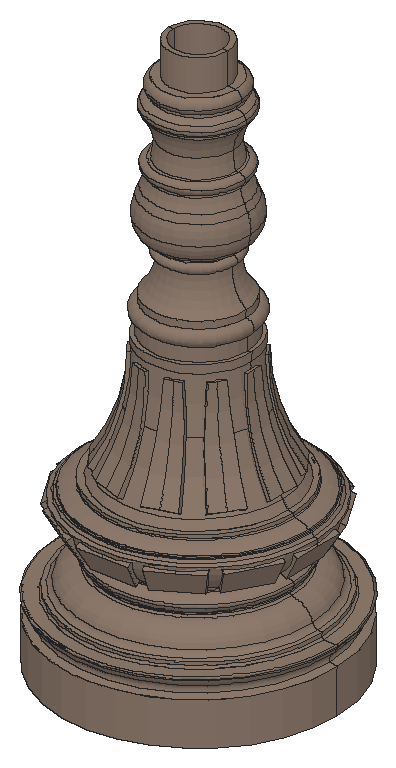
Revit family "CB1508", category Generic Models, Revit 2014
Parameters
  CAST BASE = Bronze, Architectural
Reference planes (in)
  plane 1 "Center (Front/Back)": y = 0
  plane 2: z = 0
  plane 3 "Center (Left/Right)": x = 0
Forms (in)
  Revolve 1, solid, material "Bronze, Architectural" <- "CAST BASE"
    sketch origin (0, 0, 0) x (1, 0, 0) y (0, 0, 1)
      loop
        line (-2.5, 19.5) -> (-2.5, 18.5) -> (-2.125, 18.5) -> (-2.125, 19.875) -> (-2.625, 19.875) -> (-2.625, 20.68558)
        arc (-2.625, 20.68558) -> (-1.97195, 21.58909) -> (-1.74106, 22.67973) r 2.69136
        line (-1.74106, 22.67973) -> (-1.5625, 22.67973) -> (-1.5625, 24.67188) -> (-1.875, 24.67188) -> (-1.875, 23.67187) -> (-2.15625, 23.67187)
        arc (-2.15625, 23.67187) -> (-2.4375, 23.39062) -> (-2.15625, 23.10937) r 0.28125
        arc (-2.15625, 23.10937) -> (-2.32752, 21.8904) -> (-3, 20.85937) r 2.83063
        line (-3, 20.85937) -> (-3, 20.4375)
        arc (-3, 20.4375) -> (-3.46875, 19.96875) -> (-3, 19.5) r 0.46875
        line (-3, 19.5) -> (-2.5, 19.5)
      axis (0, 24.67188) -> (0, 18.5)
    angle from 0 to 360
  Revolve 2, solid, material "Bronze, Architectural" <- "CAST BASE"
    sketch origin (0, 0, -13.33451) x (1, 0, 0) y (0, 0, 1)
      loop
        arc (-2.70836, 37.93973) -> (-2.86448, 38.24642) -> (-2.9238, 38.58541) r 1.16041
        arc (-2.9238, 38.58541) -> (-2.91128, 39.09655) -> (-2.76498, 39.58646) r 1.93004
        arc (-2.76498, 39.58646) -> (-2.67975, 39.80943) -> (-2.58979, 40.03054) r 11.22047
        arc (-2.58979, 40.03054) -> (-2.40625, 40.46699) -> (-2.28859, 40.92561) r 3.22492
        arc (-2.28859, 40.92561) -> (-1.9463, 41.93055) -> (-1.83143, 42.98595) r 4.83825
        arc (-1.83143, 42.98595) -> (-2.01045, 43.72869) -> (-2.36026, 44.40791) r 3.20313
        arc (-2.36026, 44.40791) -> (-2.32984, 44.76491) -> (-2.06331, 45.00435) r 0.48671
        line (-2.06331, 45.00435) -> (-2.06331, 45.56341)
        arc (-2.06331, 45.56341) -> (-2.07124, 45.64014) -> (-2.09471, 45.71362) r 0.375
        arc (-2.09471, 45.71362) -> (-2.07484, 45.95062) -> (-1.86564, 46.06375) r 0.25
        line (-1.86564, 46.06375) -> (-1.5625, 46.06375) -> (-1.5625, 48.43875) -> (-1.875, 48.43875) -> (-1.875, 46.43875) -> (-2.39075, 46.43875)
        arc (-2.39075, 46.43875) -> (-2.63241, 46.21221) -> (-2.69488, 45.88691) r 0.53625
        arc (-2.69488, 45.88691) -> (-2.61677, 45.68537) -> (-2.43831, 45.56341) r 0.3648
        line (-2.43831, 45.56341) -> (-2.43831, 45.36059)
        arc (-2.43831, 45.36059) -> (-2.66588, 45.26451) -> (-2.86046, 45.11234) r 0.93776
        arc (-2.86046, 45.11234) -> (-2.94515, 44.99123) -> (-2.98975, 44.85033) r 0.4886
        arc (-2.98975, 44.85033) -> (-2.99693, 44.72085) -> (-2.95305, 44.59881) r 0.32597
        arc (-2.95305, 44.59881) -> (-2.86169, 44.50439) -> (-2.73526, 44.46863) r 0.25263
        line (-2.73526, 44.46863) -> (-2.73526, 44.28896)
        arc (-2.73526, 44.28896) -> (-2.38588, 43.66012) -> (-2.20645, 42.96347) r 2.82813
        arc (-2.20645, 42.96347) -> (-2.24557, 42.38879) -> (-2.35837, 41.82394) r 4.46325
        arc (-2.35837, 41.82394) -> (-2.44814, 41.80918) -> (-2.53904, 41.8056) r 0.73685
        arc (-2.53904, 41.8056) -> (-2.77381, 41.73121) -> (-2.90534, 41.523) r 0.35886
        arc (-2.90534, 41.523) -> (-2.88029, 41.31668) -> (-2.73918, 41.16409) r 0.33775
        arc (-2.73918, 41.16409) -> (-2.66356, 41.09005) -> (-2.65906, 40.98432) r 0.14383
        arc (-2.65906, 40.98432) -> (-2.76505, 40.57659) -> (-2.92999, 40.18894) r 2.84992
        arc (-2.92999, 40.18894) -> (-3.02364, 39.95957) -> (-3.11236, 39.72825) r 11.59547
        arc (-3.11236, 39.72825) -> (-3.28149, 39.1563) -> (-3.29821, 38.56011) r 2.30504
        arc (-3.29821, 38.56011) -> (-3.21023, 38.09881) -> (-2.98694, 37.68567) r 1.53541
        arc (-2.98694, 37.68567) -> (-2.49717, 37.29204) -> (-1.9375, 37.00639) r 3.0696
        line (-1.9375, 37.00639) -> (-1.9375, 37.40341)
        arc (-1.9375, 37.40341) -> (-2.34609, 37.63828) -> (-2.70836, 37.93973) r 2.73779
      axis (0, 48.43875) -> (0, 37.00639)
    angle from 0 to 360
  Revolve 3, solid, material "Bronze, Architectural" <- "CAST BASE"
    sketch origin (0, 0, 0) x (1, 0, 0) y (0, 0, 1)
      loop
        arc (-4.44492, 11.27106) -> (-4.30197, 11.73269) -> (-4.13944, 12.18779) r 11.31712
        arc (-4.13944, 12.18779) -> (-3.58767, 13.36892) -> (-3.15331, 14.59809) r 13.39677
        arc (-3.15331, 14.59809) -> (-2.8251, 16.59852) -> (-2.77177, 18.625) r 14.88298
        line (-2.77177, 18.625) -> (-2.5, 18.625) -> (-2.5, 19.5) -> (-3.125, 19.5) -> (-3.125, 18.625) -> (-3.375, 18.625) -> (-3.375, 18.125) -> (-3.3125, 18.125)
        arc (-3.3125, 18.125) -> (-3.43435, 16.43201) -> (-3.75566, 14.76534) r 14.3207
        arc (-3.75566, 14.76534) -> (-4.39725, 12.83466) -> (-5.30597, 11.01439) r 14.3207
        arc (-5.30597, 11.01439) -> (-5.4628, 10.75551) -> (-5.62507, 10.5) r 14.3207
        line (-5.62507, 10.5) -> (-6.00007, 10.5) -> (-6.00007, 10.30402)
        arc (-6.00007, 10.30402) -> (-6.01504, 10.26344) -> (-6.05278, 10.2423) r 0.0625
        arc (-6.05278, 10.2423) -> (-6.53478, 10.10789) -> (-6.97361, 9.86743) r 2.18697
        arc (-6.97361, 9.86743) -> (-6.99301, 9.84514) -> (-7, 9.81642) r 0.0625
        line (-7, 9.81642) -> (-7, 9.75) -> (-7.125, 9.75)
        arc (-7.125, 9.75) -> (-7.18881, 9.67614) -> (-7.24418, 9.59575) r 0.89257
        arc (-7.24418, 9.59575) -> (-7.36718, 9.54246) -> (-7.47846, 9.46772) r 0.7352
        arc (-7.47846, 9.46772) -> (-7.11773, 8.51705) -> (-6.40536, 7.79151) r 2.47619
        arc (-6.40536, 7.79151) -> (-5.85298, 7.51308) -> (-5.25, 7.375) r 2.56479
        line (-5.25, 7.375) -> (-5.25, 7.25)
        arc (-5.25, 7.25) -> (-5.37503, 7.125) -> (-5.25, 7) r 0.125
        line (-5.25, 7) -> (-5.25, 6.875)
        arc (-5.25, 6.875) -> (-5.64904, 6.78327) -> (-5.96438, 6.52209) r 0.88702
        arc (-5.96438, 6.52209) -> (-5.99996, 6.43643) -> (-5.99056, 6.34416) r 0.1892
        arc (-5.99056, 6.34416) -> (-5.90358, 6.16608) -> (-5.77187, 6.01799) r 0.72939
        arc (-5.77187, 6.01799) -> (-5.75573, 5.99664) -> (-5.75, 5.97049) r 0.0625
        line (-5.75, 5.97049) -> (-5.75, 5.87461)
        arc (-5.75, 5.87461) -> (-5.78472, 5.78815) -> (-5.86959, 5.74973) r 0.125
        arc (-5.86959, 5.74973) -> (-6.70087, 5.44461) -> (-7.20239, 4.71482) r 1.45834
        arc (-7.20239, 4.71482) -> (-7.31683, 4.51691) -> (-7.50739, 4.39063) r 0.5
        arc (-7.50739, 4.39063) -> (-7.62785, 4.34896) -> (-7.75, 4.3125) r 2.96297
        line (-7.75, 4.3125) -> (-7.75, 4.125)
        arc (-7.75, 4.125) -> (-7.78661, 4.03661) -> (-7.875, 4) r 0.125
        line (-7.875, 4) -> (-8.69701, 4)
        arc (-8.69701, 4) -> (-8.75586, 3.96896) -> (-8.76639, 3.90327) r 0.07445
        arc (-8.76639, 3.90327) -> (-8.74899, 3.84664) -> (-8.73225, 3.78981) r 5
        arc (-8.73225, 3.78981) -> (-8.6044, 3.56949) -> (-8.43721, 3.3773) r 1.3416
        arc (-8.43721, 3.3773) -> (-8.26433, 3.1557) -> (-8.25, 2.875) r 0.46688
        line (-8.25, 2.875) -> (-8.75, 2.75) -> (-8.75, 0) -> (-7.562, 0) -> (-7.562, 0.625) -> (-8.125, 0.625) -> (-8.125, 2.26201) -> (-7.82954, 2.33588)
        arc (-7.82954, 2.33588) -> (-7.61946, 2.84872) -> (-7.68822, 3.39863) r 1.09188
        arc (-7.68822, 3.39863) -> (-7.37667, 3.5645) -> (-7.17548, 3.8545) r 0.75
        arc (-7.17548, 3.8545) -> (-6.81996, 4.13548) -> (-6.60414, 4.53393) r 1.125
        arc (-6.60414, 4.53393) -> (-6.31755, 4.95096) -> (-5.84253, 5.12531) r 0.83334
        arc (-5.84253, 5.12531) -> (-5.33331, 5.35588) -> (-5.125, 5.87461) r 0.75
        line (-5.125, 5.87461) -> (-5.125, 5.97049)
        arc (-5.125, 5.97049) -> (-5.14039, 6.11513) -> (-5.18586, 6.2533) r 0.6875
        arc (-5.18586, 6.2533) -> (-4.78594, 6.45635) -> (-4.625, 6.875) r 0.625
        line (-4.625, 6.875) -> (-4.625, 7)
        arc (-4.625, 7) -> (-4.62816, 7.06282) -> (-4.63763, 7.125) r 0.625
        arc (-4.63763, 7.125) -> (-4.62816, 7.18718) -> (-4.625, 7.25) r 0.625
        line (-4.625, 7.25) -> (-4.625, 7.74911)
        arc (-4.625, 7.74911) -> (-4.72252, 7.91907) -> (-4.90608, 7.98761) r 0.28869
        arc (-4.90608, 7.98761) -> (-5.50806, 8.05845) -> (-6.05879, 8.31162) r 1.93979
        arc (-6.05879, 8.31162) -> (-6.22919, 8.39117) -> (-6.41553, 8.41643) r 0.625
        arc (-6.41553, 8.41643) -> (-6.50869, 8.49937) -> (-6.593, 8.59128) r 1.23514
        arc (-6.593, 8.59128) -> (-6.63734, 8.88427) -> (-6.46455, 9.125) r 0.39318
        arc (-6.46455, 9.125) -> (-6.40094, 9.17712) -> (-6.375, 9.25516) r 0.14791
        line (-6.375, 9.25516) -> (-6.375, 9.49575)
        arc (-6.375, 9.49575) -> (-6.1695, 9.57524) -> (-5.95487, 9.62501) r 1.56197
        arc (-5.95487, 9.62501) -> (-5.71674, 9.70984) -> (-5.52536, 9.875) r 0.6875
        line (-5.52536, 9.875) -> (-5.29055, 9.875)
        arc (-5.29055, 9.875) -> (-4.84867, 10.56148) -> (-4.44492, 11.27106) r 14.9457
      axis (0, 19.5) -> (0, 0)
    angle from 0 to 360
  Extrusion 4, solid, material "Bronze, Architectural" <- "CAST BASE"
    sketch origin (-48.473, -1.85553, 0.625) x (0, -1, 0) y (1, 0, 0)
      loop
        circle (-1.85553, 48.473) r 7.75
      loop
        arc (-1.23053, 43.63823) -> (1.59162, 45.02586) -> (2.97924, 47.848) r 4.875
        line (2.97924, 47.848) -> (5.25191, 47.973)
        arc (5.25191, 47.973) -> (5.26947, 48.473) -> (5.25191, 48.973) r 7.125
        line (5.25191, 48.973) -> (2.97924, 49.098)
        arc (2.97924, 49.098) -> (1.59162, 51.92015) -> (-1.23053, 53.30777) r 4.875
        line (-1.23053, 53.30777) -> (-1.35553, 55.58044)
        arc (-1.35553, 55.58044) -> (-1.85553, 55.598) -> (-2.35553, 55.58044) r 7.125
        line (-2.35553, 55.58044) -> (-2.48053, 53.30777)
        arc (-2.48053, 53.30777) -> (-5.30267, 51.92015) -> (-6.6903, 49.098) r 4.875
        line (-6.6903, 49.098) -> (-8.96296, 48.973)
        arc (-8.96296, 48.973) -> (-8.98053, 48.473) -> (-8.96296, 47.973) r 7.125
        line (-8.96296, 47.973) -> (-6.6903, 47.848)
        arc (-6.6903, 47.848) -> (-5.30267, 45.02586) -> (-2.48053, 43.63823) r 4.875
        line (-2.48053, 43.63823) -> (-2.35553, 41.36557)
        arc (-2.35553, 41.36557) -> (-1.85553, 41.348) -> (-1.35553, 41.36557) r 7.125
        line (-1.35553, 41.36557) -> (-1.23053, 43.63823)
    from -0.625 to 0
  SweptBlend 5, solid, material "Bronze, Architectural" <- "CAST BASE"
    path in 3D
      loop
        arc (-3.00403, 0, 17.66832) -> (-3.48482, 0, 14.23253) -> (-4.967, 0, 11.09581) r 11.51655
    profile origin (-3.00403, 0, 17.66832) x (0.999926, 0, 0.012163) y (0, -1, 0)
      loop
        line (0, 0) -> (0, 0.5) -> (-0.5, 0.5) -> (-0.5, 0) -> (-0.5, -0.5) -> (0, -0.5) -> (0, 0)
    end profile origin (-4.967, 0, 11.09581) x (0.829479, 0, -0.558539) y (0, -1, 0)
      loop
        line (0, 0) -> (0, 1) -> (-0.5, 1) -> (-0.5, 0) -> (-0.5, -1) -> (0, -1) -> (0, 0)
  SweptBlend 6, solid, material "Bronze, Architectural" <- "CAST BASE"
    path in 3D
      loop
        arc (3.00403, 0, 17.66832) -> (3.48482, 0, 14.23253) -> (4.967, 0, 11.09581) r 11.51655
    profile origin (3.00403, 0, 17.66832) x (0.999926, 0, -0.012163) y (0, -1, 0)
      loop
        line (0, 0) -> (0, -0.5) -> (0.5, -0.5) -> (0.5, 0) -> (0.5, 0.5) -> (0, 0.5) -> (0, 0)
    end profile origin (4.967, 0, 11.09581) x (0.829479, 0, 0.558539) y (0, -1, 0)
      loop
        line (0, 0) -> (0, -1) -> (0.5, -1) -> (0.5, 0) -> (0.5, 1) -> (0, 1) -> (0, 0)
  SweptBlend 7, solid, material "Bronze, Architectural" <- "CAST BASE"
    path in 3D
      loop
        arc (-2.43031, -1.76572, 17.66832) -> (-2.81928, -2.04833, 14.23253) -> (-4.01838, -2.91953, 11.09581) r 11.51655
    profile origin (-2.43031, -1.76572, 17.66832) x (0.999952, 0, 0.00984) y (0.00007, -0.999974, -0.007149)
      loop
        line (0, 0) -> (0.29388, 0.40452) -> (-0.11064, 0.6984) -> (-0.40452, 0.29388) -> (-0.6984, -0.11064) -> (-0.29388, -0.40452) -> (0, 0)
    end profile origin (-4.01838, -2.91953, 11.09581) x (0.878152, 0, -0.478382) y (0.157053, -0.944573, 0.288298)
      loop
        line (0, 0) -> (0.51616, 0.85649) -> (0.08792, 1.11457) -> (-0.42824, 0.25808) -> (-0.94441, -0.59841) -> (-0.51616, -0.85649) -> (0, 0)
  SweptBlend 8, solid, material "Bronze, Architectural" <- "CAST BASE"
    path in 3D
      loop
        arc (2.43031, 1.76572, 17.66832) -> (2.81928, 2.04833, 14.23253) -> (4.01838, 2.91953, 11.09581) r 11.51655
    profile origin (2.43031, 1.76572, 17.66832) x (0.999952, 0, -0.00984) y (0.00007, -0.999974, 0.007149)
      loop
        line (0, 0) -> (-0.29388, -0.40452) -> (0.11064, -0.6984) -> (0.40452, -0.29388) -> (0.6984, 0.11064) -> (0.29388, 0.40452) -> (0, 0)
    end profile origin (4.01838, 2.91953, 11.09581) x (0.878152, 0, 0.478382) y (0.157053, -0.944573, -0.288298)
      loop
        line (0, 0) -> (-0.51616, -0.85649) -> (-0.08792, -1.11457) -> (0.42824, -0.25808) -> (0.94441, 0.59841) -> (0.51616, 0.85649) -> (0, 0)
  SweptBlend 9, solid, material "Bronze, Architectural" <- "CAST BASE"
    path in 3D
      loop
        arc (-0.9283, -2.857, 17.66832) -> (-1.07687, -3.31426, 14.23253) -> (-1.53489, -4.72389, 11.09581) r 11.51655
    profile origin (-0.9283, -2.857, 17.66832) x (0.999993, 0.000043, 0.003759) y (0.000087, -0.999933, -0.011567)
      loop
        line (0, 0) -> (0.47552, 0.15454) -> (0.32098, 0.63006) -> (-0.15454, 0.47552) -> (-0.63006, 0.32098) -> (-0.47552, -0.15454) -> (0, 0)
    end profile origin (-1.53489, -4.72389, 11.09581) x (0.963757, 0.082843, -0.253592) y (0.203425, -0.843185, 0.497651)
      loop
        line (0, 0) -> (0.89099, 0.45403) -> (0.66397, 0.89952) -> (-0.22701, 0.44549) -> (-1.118, -0.00853) -> (-0.89099, -0.45403) -> (0, 0)
  SweptBlend 10, solid, material "Bronze, Architectural" <- "CAST BASE"
    path in 3D
      loop
        arc (0.9283, 2.857, 17.66832) -> (1.07687, 3.31426, 14.23253) -> (1.53489, 4.72389, 11.09581) r 11.51655
    profile origin (0.9283, 2.857, 17.66832) x (0.999993, 0.000043, -0.003759) y (0.000087, -0.999933, 0.011567)
      loop
        line (0, 0) -> (-0.47552, -0.15454) -> (-0.32098, -0.63006) -> (0.15454, -0.47552) -> (0.63006, -0.32098) -> (0.47552, 0.15454) -> (0, 0)
    end profile origin (1.53489, 4.72389, 11.09581) x (0.963757, 0.082843, 0.253592) y (0.203425, -0.843185, -0.497651)
      loop
        line (0, 0) -> (-0.89099, -0.45403) -> (-0.66397, -0.89952) -> (0.22701, -0.44549) -> (1.118, 0.00853) -> (0.89099, 0.45403) -> (0, 0)
  SweptBlend 11, solid, material "Bronze, Architectural" <- "CAST BASE"
    path in 3D
      loop
        arc (0.9283, -2.857, 17.66832) -> (1.07687, -3.31426, 14.23253) -> (1.53489, -4.72389, 11.09581) r 11.51655
    profile origin (0.9283, -2.857, 17.66832) x (0.999993, 0.00013, -0.003757) y (0.000087, -0.999933, -0.011568)
      loop
        line (0, 0) -> (0.47555, -0.15446) -> (0.63, 0.32109) -> (0.15446, 0.47555) -> (-0.32109, 0.63) -> (-0.47555, 0.15446) -> (0, 0)
    end profile origin (1.53489, -4.72389, 11.09581) x (0.966142, 0.25526, 0.037565) y (0.191778, -0.807878, 0.557274)
      loop
        line (0, 0) -> (0.99774, -0.06726) -> (1.03136, 0.43161) -> (0.03363, 0.49887) -> (-0.96411, 0.56612) -> (-0.99774, 0.06726) -> (0, 0)
  SweptBlend 12, solid, material "Bronze, Architectural" <- "CAST BASE"
    path in 3D
      loop
        arc (-0.9283, 2.857, 17.66832) -> (-1.07687, 3.31426, 14.23253) -> (-1.53489, 4.72389, 11.09581) r 11.51655
    profile origin (-0.9283, 2.857, 17.66832) x (0.999993, 0.00013, 0.003757) y (0.000087, -0.999933, 0.011568)
      loop
        line (0, 0) -> (-0.47555, 0.15446) -> (-0.63, -0.32109) -> (-0.15446, -0.47555) -> (0.32109, -0.63) -> (0.47555, -0.15446) -> (0, 0)
    end profile origin (-1.53489, 4.72389, 11.09581) x (0.966142, 0.25526, -0.037565) y (0.191778, -0.807878, -0.557274)
      loop
        line (0, 0) -> (-0.99774, 0.06726) -> (-1.03136, -0.43161) -> (-0.03363, -0.49887) -> (0.96411, -0.56612) -> (0.99774, -0.06726) -> (0, 0)
  SweptBlend 13, solid, material "Bronze, Architectural" <- "CAST BASE"
    path in 3D
      loop
        arc (2.43031, -1.76572, 17.66832) -> (2.81928, -2.04833, 14.23253) -> (4.01838, -2.91953, 11.09581) r 11.51655
    profile origin (2.43031, -1.76572, 17.66832) x (0.999952, 0.000201, -0.009839) y (0.00013, -0.999974, -0.007151)
      loop
        line (0, 0) -> (0.29396, -0.40446) -> (0.69842, -0.1105) -> (0.40446, 0.29396) -> (0.1105, 0.69842) -> (-0.29396, 0.40446) -> (0, 0)
    end profile origin (4.01838, -2.91953, 11.09581) x (0.858314, 0.413415, 0.303949) y (0.243132, -0.849298, 0.468594)
      loop
        line (0, 0) -> (0.83896, -0.54419) -> (1.11106, -0.1247) -> (0.27209, 0.41948) -> (-0.56687, 0.96367) -> (-0.83896, 0.54419) -> (0, 0)
  SweptBlend 14, solid, material "Bronze, Architectural" <- "CAST BASE"
    path in 3D
      loop
        arc (-2.43031, 1.76572, 17.66832) -> (-2.81928, 2.04833, 14.23253) -> (-4.01838, 2.91953, 11.09581) r 11.51655
    profile origin (-2.43031, 1.76572, 17.66832) x (0.999952, 0.000201, 0.009839) y (0.00013, -0.999974, 0.007151)
      loop
        line (0, 0) -> (-0.29396, 0.40446) -> (-0.69842, 0.1105) -> (-0.40446, -0.29396) -> (-0.1105, -0.69842) -> (0.29396, -0.40446) -> (0, 0)
    end profile origin (-4.01838, 2.91953, 11.09581) x (0.858314, 0.413415, -0.303949) y (0.243132, -0.849298, -0.468594)
      loop
        line (0, 0) -> (-0.83896, 0.54419) -> (-1.11106, 0.1247) -> (-0.27209, -0.41948) -> (0.56687, -0.96367) -> (0.83896, -0.54419) -> (0, 0)
  Extrusion 15, solid, material "Bronze, Architectural" <- "CAST BASE"
    sketch origin (-36, 2.797, 0.88873) x (1, 0, 0) y (0, 0.5, 0.866025)
      loop
        line (36, 9.5625) -> (34.375, 9.5625) -> (34.58183, 7.8125) -> (36, 7.8125) -> (37.41817, 7.8125) -> (37.625, 9.5625) -> (36, 9.5625)
    from 0 to 0.5
  Extrusion 16, solid, material "Bronze, Architectural" <- "CAST BASE"
    sketch origin (-36, -2.797, 0.88873) x (1, 0, 0) y (0, 0.5, -0.866025)
      loop
        line (36, -9.5625) -> (37.625, -9.5625) -> (37.41817, -7.8125) -> (36, -7.8125) -> (34.58183, -7.8125) -> (34.375, -9.5625) -> (36, -9.5625)
    from 0 to 0.5
  Extrusion 17, solid, material "Bronze, Architectural" <- "CAST BASE"
    sketch origin (-32.57541, -15.57773, 0.88873) x (0.866025, 0.5, 0) y (-0.25, 0.433013, 0.866025)
      loop
        line (36, 9.5625) -> (34.375, 9.5625) -> (34.58183, 7.8125) -> (36, 7.8125) -> (37.41817, 7.8125) -> (37.625, 9.5625) -> (36, 9.5625)
    from 0 to 0.5
  Extrusion 18, solid, material "Bronze, Architectural" <- "CAST BASE"
    sketch origin (-29.77842, -20.42227, 0.88873) x (0.866025, 0.5, 0) y (-0.25, 0.433013, -0.866025)
      loop
        line (36, -9.5625) -> (37.625, -9.5625) -> (37.41817, -7.8125) -> (36, -7.8125) -> (34.58183, -7.8125) -> (34.375, -9.5625) -> (36, -9.5625)
    from 0 to 0.5
  Extrusion 19, solid, material "Bronze, Architectural" <- "CAST BASE"
    sketch origin (-20.42227, -29.77842, 0.88873) x (0.5, 0.866025, 0) y (-0.433013, 0.25, 0.866025)
      loop
        line (36, 9.5625) -> (34.375, 9.5625) -> (34.58183, 7.8125) -> (36, 7.8125) -> (37.41817, 7.8125) -> (37.625, 9.5625) -> (36, 9.5625)
    from 0 to 0.5
  Extrusion 20, solid, material "Bronze, Architectural" <- "CAST BASE"
    sketch origin (-15.57773, -32.57541, 0.88873) x (0.5, 0.866025, 0) y (-0.433013, 0.25, -0.866025)
      loop
        line (36, -9.5625) -> (37.625, -9.5625) -> (37.41817, -7.8125) -> (36, -7.8125) -> (34.58183, -7.8125) -> (34.375, -9.5625) -> (36, -9.5625)
    from 0 to 0.5
  Extrusion 21, solid, material "Bronze, Architectural" <- "CAST BASE"
    sketch origin (-2.797, -36, 0.88873) x (0, 1, 0) y (-0.5, 0, 0.866025)
      loop
        line (36, 9.5625) -> (34.375, 9.5625) -> (34.58183, 7.8125) -> (36, 7.8125) -> (37.41817, 7.8125) -> (37.625, 9.5625) -> (36, 9.5625)
    from 0 to 0.5
  Extrusion 22, solid, material "Bronze, Architectural" <- "CAST BASE"
    sketch origin (2.797, -36, 0.88873) x (0, 1, 0) y (-0.5, 0, -0.866025)
      loop
        line (36, -9.5625) -> (37.625, -9.5625) -> (37.41817, -7.8125) -> (36, -7.8125) -> (34.58183, -7.8125) -> (34.375, -9.5625) -> (36, -9.5625)
    from 0 to 0.5
  Extrusion 23, solid, material "Bronze, Architectural" <- "CAST BASE"
    sketch origin (15.57773, -32.57541, 0.88873) x (-0.5, 0.866025, 0) y (-0.433013, -0.25, 0.866025)
      loop
        line (36, 9.5625) -> (34.375, 9.5625) -> (34.58183, 7.8125) -> (36, 7.8125) -> (37.41817, 7.8125) -> (37.625, 9.5625) -> (36, 9.5625)
    from 0 to 0.5
  Extrusion 24, solid, material "Bronze, Architectural" <- "CAST BASE"
    sketch origin (20.42227, -29.77842, 0.88873) x (-0.5, 0.866025, 0) y (-0.433013, -0.25, -0.866025)
      loop
        line (36, -9.5625) -> (37.625, -9.5625) -> (37.41817, -7.8125) -> (36, -7.8125) -> (34.58183, -7.8125) -> (34.375, -9.5625) -> (36, -9.5625)
    from 0 to 0.5
  Extrusion 25, solid, material "Bronze, Architectural" <- "CAST BASE"
    sketch origin (29.77842, -20.42227, 0.88873) x (-0.866025, 0.5, 0) y (-0.25, -0.433013, 0.866025)
      loop
        line (36, 9.5625) -> (34.375, 9.5625) -> (34.58183, 7.8125) -> (36, 7.8125) -> (37.41817, 7.8125) -> (37.625, 9.5625) -> (36, 9.5625)
    from 0 to 0.5
  Extrusion 26, solid, material "Bronze, Architectural" <- "CAST BASE"
    sketch origin (32.57541, -15.57773, 0.88873) x (-0.866025, 0.5, 0) y (-0.25, -0.433013, -0.866025)
      loop
        line (36, -9.5625) -> (37.625, -9.5625) -> (37.41817, -7.8125) -> (36, -7.8125) -> (34.58183, -7.8125) -> (34.375, -9.5625) -> (36, -9.5625)
    from 0 to 0.5
Cuts and joins
  joined: Revolve 3, Extrusion 4, SweptBlend 5, SweptBlend 6, SweptBlend 7, SweptBlend 8, SweptBlend 9, SweptBlend 10, SweptBlend 11, SweptBlend 12, SweptBlend 13, SweptBlend 14, Extrusion 15, Extrusion 16, Extrusion 17, Extrusion 18, Extrusion 19, Extrusion 20, Extrusion 21, Extrusion 22, Extrusion 23, Extrusion 24, Extrusion 25, Extrusion 26
Lines and regions (in)
  sketch lines
    curve 1: arc (-3.00403, 0, 17.66832) -> (-3.48482, 0, 14.23253) -> (-4.967, 0, 11.09581) r 11.51655
    curve 2: arc (3.00403, 0, 17.66832) -> (3.48482, 0, 14.23253) -> (4.967, 0, 11.09581) r 11.51655
    curve 3: arc (-2.43031, -1.76572, 17.66832) -> (-2.81928, -2.04833, 14.23253) -> (-4.01838, -2.91953, 11.09581) r 11.51655
    curve 4: arc (2.43031, 1.76572, 17.66832) -> (2.81928, 2.04833, 14.23253) -> (4.01838, 2.91953, 11.09581) r 11.51655
    curve 5: arc (-0.9283, -2.857, 17.66832) -> (-1.07687, -3.31426, 14.23253) -> (-1.53489, -4.72389, 11.09581) r 11.51655
    curve 6: arc (0.9283, 2.857, 17.66832) -> (1.07687, 3.31426, 14.23253) -> (1.53489, 4.72389, 11.09581) r 11.51655
    curve 7: arc (0.9283, -2.857, 17.66832) -> (1.07687, -3.31426, 14.23253) -> (1.53489, -4.72389, 11.09581) r 11.51655
    curve 8: arc (-0.9283, 2.857, 17.66832) -> (-1.07687, 3.31426, 14.23253) -> (-1.53489, 4.72389, 11.09581) r 11.51655
    curve 9: arc (2.43031, -1.76572, 17.66832) -> (2.81928, -2.04833, 14.23253) -> (4.01838, -2.91953, 11.09581) r 11.51655
    curve 10: arc (-2.43031, 1.76572, 17.66832) -> (-2.81928, 2.04833, 14.23253) -> (-4.01838, 2.91953, 11.09581) r 11.51655
Dimensions and locks (in)
  aligned and locked: plane 2 to level
